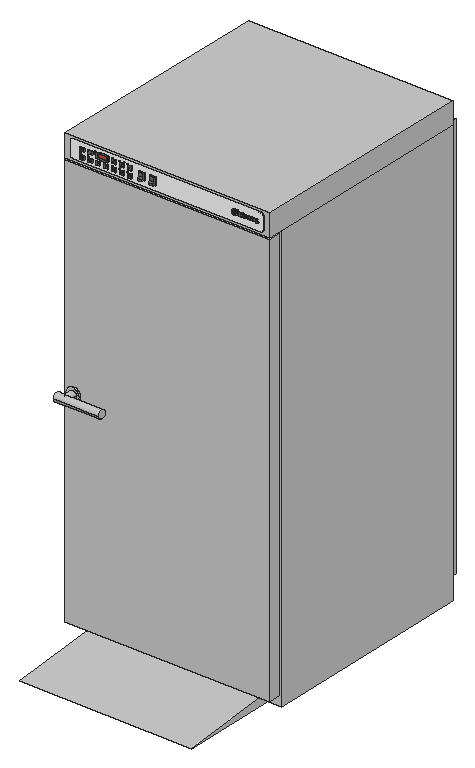
Revit family "QF_GIORIK_GM2011P_GR2011P", category Specialty Equipment, Revit 2014
Parameters (values of type "GM2011P")
  Weight in Pounds = 485.017
  Watts = 7200 W
  Waste Water Discharge Temperature = 0 °C
  Volts = 400 V
  URL Cutsheet = ""
  URL = "www.giorik.com"
  Plumbing Remarks [instance] = ""
  Plumbing Connection Type [instance] = ""
  Indirect Waste Size = 3/4"
  Indirect Waste Flow = 0.0 L/s
  Indirect Waste Connection Type [instance] = ""
  Indirect Waste Connection Height = 46 mm
  Status [instance] = ""
  Specification by User [instance] = ""
  Specification by Manufacturer = ""
  Serial Number = ""
  Seismic Rating = ""
  SMACNA No = ""
  Revision Code [instance] = ""
  Phase = 3
  Number of Poles [instance] = 3
  NAFEM Spec ID Number = ""
  Model = "GM2011P"
  Min Ckt Ampacity = 0 A
  Max Overcurrent Protection = 16 A
  Masterspec = ""
  Manufacturer = "GIORIK"
  Show Logo [instance] = yes
  Show Clearance [instance] = yes
  Item Number [instance] = ""
  Installed By [instance] = ""
  Identify Quantity as Lot [instance] = no
  HP = "0"
  Furnished By [instance] = ""
  Foodservice Equipment Identifier [instance] = yes
  FL Amps = 0 A
  Electrical Remarks [instance] = ""
  Electric Connection Type [instance] = ""
  Elec Conn RI Height [instance] = 0 mm
  Elec Conn Connection Height [instance] = 225 mm
  Description = "HOLDING CABINET 20 GN 1/1 - PROGRAMMABLE ELECTRONIC VERSION"
  Cycle = 50 Hz
  Conn Plug = ""
  Conn Conduit [instance] = no
  Cold Water Temperature Recommended = 0 °C
  Cold Water Size = 3/4"
  Cold Water RI Height [instance] = 0 mm
  Cold Water Minimum Pressure [instance] = 150.0 kPa
  Cold Water Maximum Pressure [instance] = 600.0 kPa
  Cold Water Flow [instance] = 0.0 L/s
  Cold Water Consumption [instance] = ""
  Cold Water Connection Height = 145 mm
  CSI MasterFormat = ""
  Assembly Code = "E1090320"
  Apparent Power = 7200 VA
Types (3, lengths in mm): name | Watts | Model | Max Overcurrent Protection | Description | Apparent Power
  (no name) | 7200 W | "GM2011P" | 16 A | "HOLDING CABINET 20 GN 1/1 - PROGRAMMABLE ELECTRONIC VERSION" | 7200 VA
  GR2011P | 16200 W | "GR2011P" | 20 A | "HOLDING CABINET-REGENERATOR 20 GN 1/1 - PROGRAMMABLE ELECTRONIC VERSION" | 16200 VA
  GM2011P | 7200 W | "GM2011P" | 16 A | "HOLDING CABINET 20 GN 1/1 - PROGRAMMABLE ELECTRONIC VERSION" | 7200 VA
Reference planes
  plane 1 "Back": y = 0
  plane 2: z = 0
  plane 3 "Left": x = 0
  plane 4 "Right": x = 930
  plane 5 "Front": y = -1120
  plane 6 "Top": z = 2040
  plane 7 "Front oven": y = -1050
Forms (mm)
  Extrusion 1, solid
    sketch origin (0, 0, 0) x (1, 0, 0) y (0, 0, 1)
      loop
        line (0, 0) -> (930, 0) -> (930, 1940) -> (0, 1940) -> (0, 0)
    from 75 to 1050
  Extrusion 2, solid
    sketch origin (0, -1120, 0) x (-1, 0, 0) y (0, 0, 1)
      loop
        line (-930, 1930) -> (-930, 50) -> (0, 50) -> (0, 1930) -> (-930, 1930)
    from 0 to 55
  Extrusion 3, solid, visible <- "Show Clearance", detail levels coarse
    sketch origin (430, -505, 0) x (1, 0, 0) y (0, 1, 0)
      loop
        line (-430, -615) -> (-430, 505) -> (500, 505) -> (500, -615) -> (600, -615) -> (600, 605) -> (-530, 605) -> (-530, -615) -> (-430, -615)
    from 0 to 2040
  Extrusion 4, solid, visible <- "Show Clearance", detail levels coarse
    sketch origin (0, -395, 60) x (0, 1, 0) y (-1, 0, 0)
      loop
        line (-725, -930) -> (-725, 0)
        arc (-725, 0) -> (-1355.977, -249.528) -> (-1619, -875) r 875.202
        line (-1619, -875) -> (-1619, -930) -> (-725, -930)
    from -10 to 1870
  Extrusion 5, solid
    sketch origin (0, -1120, 0) x (-1, 0, 0) y (0, 0, 1)
      loop
        arc (-25, 2015) -> (-29.393, 2025.607) -> (-40, 2030) r 15
        line (-40, 2030) -> (-890, 2030)
        arc (-890, 2030) -> (-900.607, 2025.607) -> (-905, 2015) r 15
        line (-905, 2015) -> (-905, 1965)
        arc (-905, 1965) -> (-900.607, 1954.393) -> (-890, 1950) r 15
        line (-890, 1950) -> (-40, 1950)
        arc (-40, 1950) -> (-29.393, 1954.393) -> (-25, 1965) r 15
        line (-25, 1965) -> (-25, 2015)
    from -0.5 to 2
  Extrusion 6, solid
    sketch origin (930, 163, -54) x (0, -1, 0) y (0, 0, 1)
      loop
        circle (220, 199) r 11
    from 50 to 30
  Extrusion 7, solid, visible <- "Show Logo", detail levels medium+fine
    sketch origin (576.604, -1120, 203.695) x (-1, 0, 0) y (0, 0, 1)
      loop
        line (-214.547, 1793.962) -> (-225.547, 1793.962) -> (-222.754, 1791.618) -> (-222.754, 1781.306) -> (-225.547, 1778.962) -> (-214.547, 1778.962) -> (-217.34, 1781.306) -> (-217.34, 1791.618) -> (-214.547, 1793.962)
      loop
        line (-269.547, 1793.962) -> (-280.547, 1793.962) -> (-277.754, 1791.618) -> (-277.754, 1781.306) -> (-280.547, 1778.962) -> (-269.547, 1778.962) -> (-272.34, 1781.306) -> (-272.34, 1791.618) -> (-269.547, 1793.962)
      loop
        line (-282.547, 1793.962) -> (-293.547, 1793.962) -> (-290.754, 1791.618) -> (-290.754, 1786.706) -> (-297.354, 1792.244) -> (-294.9, 1793.962) -> (-303.294, 1793.962) -> (-299.303, 1792.101) -> (-296.172, 1788.97) -> (-302.777, 1781.098) -> (-305.9, 1779.962) -> (-305.9, 1778.962) -> (-294.9, 1778.962) -> (-296.151, 1780.747) -> (-292.483, 1785.625) -> (-290.754, 1784.818) -> (-290.754, 1781.306) -> (-293.547, 1778.962) -> (-282.547, 1778.962) -> (-285.34, 1781.306) -> (-285.34, 1791.618) -> (-282.547, 1793.962)
      loop
        line (-210.387, 1798.5) -> (-210.387, 1788.865)
        arc (-210.387, 1788.865) -> (-205.719, 1793.282) -> (-199.875, 1795.956) r 19.648
        arc (-199.875, 1795.956) -> (-195.547, 1795.774) -> (-192.114, 1793.131) r 7.168
        arc (-192.114, 1793.131) -> (-190.034, 1786.5) -> (-192.114, 1779.868) r 11.613
        arc (-192.114, 1779.868) -> (-194.434, 1777.581) -> (-197.423, 1776.287) r 8.864
        arc (-197.423, 1776.287) -> (-200.954, 1776.508) -> (-203.801, 1778.608) r 6.26
        line (-203.801, 1778.608) -> (-203.801, 1786.174) -> (-211.26, 1786.174) -> (-211.26, 1778.213) -> (-213.406, 1776.068) -> (-208.753, 1777.314)
        arc (-208.753, 1777.314) -> (-206.873, 1777.533) -> (-205.12, 1776.821) r 3.816
        arc (-205.12, 1776.821) -> (-196.651, 1774.034) -> (-188.183, 1776.821) r 14.26
        arc (-188.183, 1776.821) -> (-183.396, 1786.305) -> (-188.183, 1795.788) r 11.787
        arc (-188.183, 1795.788) -> (-196.838, 1798.637) -> (-205.494, 1795.788) r 14.575
        line (-205.494, 1795.788) -> (-210.387, 1798.5)
      loop
        arc (-227.299, 1791.157) -> (-235.457, 1794.293) -> (-243.615, 1791.157) r 12.178
        arc (-243.615, 1791.157) -> (-245.675, 1786.524) -> (-243.615, 1781.891) r 6.24
        arc (-243.615, 1781.891) -> (-235.457, 1778.755) -> (-227.299, 1781.891) r 12.178
        arc (-227.299, 1781.891) -> (-225.239, 1786.524) -> (-227.299, 1791.157) r 6.24
      loop
        arc (-231.457, 1789.117) -> (-235.457, 1793.117) -> (-239.457, 1789.117) r 4
        line (-239.457, 1789.117) -> (-239.457, 1783.931)
        arc (-239.457, 1783.931) -> (-235.457, 1779.931) -> (-231.457, 1783.931) r 4
        line (-231.457, 1783.931) -> (-231.457, 1789.117)
      loop
        arc (-260.534, 1793.971) -> (-264.557, 1789.947) -> (-260.534, 1785.923) r 4.024
        line (-260.534, 1785.923) -> (-264.412, 1780.423) -> (-267.545, 1778.962) -> (-259.901, 1778.962) -> (-257.062, 1785.05) -> (-253.519, 1785.05) -> (-253.519, 1781.008) -> (-256.441, 1778.962) -> (-245.402, 1778.962) -> (-247.953, 1780.881) -> (-247.953, 1791.677) -> (-245.669, 1793.971) -> (-260.534, 1793.971)
      loop
        line (-253.519, 1792.926) -> (-257.194, 1792.926)
        arc (-257.194, 1792.926) -> (-260.379, 1789.741) -> (-257.194, 1786.556) r 3.185
        line (-257.194, 1786.556) -> (-253.519, 1786.556) -> (-253.519, 1792.926)
    from 0.5 to -1.5
  Extrusion 8, solid, visible <- "Show Logo", detail levels medium+fine
    sketch origin (574.604, -1120, 203.695) x (-1, 0, 0) y (0, 0, 1)
      loop
        line (-193.301, 1786.174) -> (-205.301, 1786.174) -> (-199.301, 1781.174) -> (-193.301, 1786.174)
    from 0.5 to -1.5
  Extrusion 9, solid
    sketch origin (0, 0, 0) x (1, 0, 0) y (0, 0, 1)
      loop
        line (50, 60) -> (880, 60) -> (880, 1915) -> (50, 1915) -> (50, 60)
    from 0 to 75
  Extrusion 10, solid
    sketch origin (0, 0, 0) x (1, 0, 0) y (0, 0, 1)
      loop
        line (0, 2040) -> (0, 1940) -> (930, 1940) -> (930, 2040) -> (0, 2040)
    from 75 to 1120
  Extrusion 11, solid
    sketch origin (-118.5, -961, -448) x (0, 1, 0) y (0, 0, 1)
      loop
        line (894.124, 687.794) -> (886.25, 674.156) -> (886.25, 671.844) -> (894.124, 658.206) -> (896.126, 657.05) -> (911.874, 657.05) -> (913.876, 658.206) -> (921.75, 671.844) -> (921.75, 674.156) -> (913.876, 687.794) -> (911.874, 688.95) -> (896.126, 688.95) -> (894.124, 687.794)
    from 144.771 to 152.771
  Extrusion 12, solid
    sketch origin (-118.5, -961, -448) x (0, 1, 0) y (0, 0, 1)
      loop
        line (894.124, 687.794) -> (886.25, 674.156) -> (886.25, 671.844) -> (894.124, 658.206) -> (896.126, 657.05) -> (911.874, 657.05) -> (913.876, 658.206) -> (921.75, 671.844) -> (921.75, 674.156) -> (913.876, 687.794) -> (911.874, 688.95) -> (896.126, 688.95) -> (894.124, 687.794)
    from 160.771 to 152.771
  Extrusion 13, solid
    sketch origin (-118.5, -961, -448) x (0, 1, 0) y (0, 0, 1)
      loop
        line (894.124, 687.794) -> (886.25, 674.156) -> (886.25, 671.844) -> (894.124, 658.206) -> (896.126, 657.05) -> (911.874, 657.05) -> (913.876, 658.206) -> (921.75, 671.844) -> (921.75, 674.156) -> (913.876, 687.794) -> (911.874, 688.95) -> (896.126, 688.95) -> (894.124, 687.794)
    from 168.5 to 160.771
  Sweep 14, solid
    path origin (0, 0, 0) x (0, 1, 0) y (0, 0, 1)
      loop
        line (-79.938, 1984.218) -> (-60.185, 1987.347)
    profile origin (0, -70.062, 1985.782) x (0, -0.156434, 0.987688) y (1, 0, 0)
      loop
        circle (0, 160) r 25
  Extrusion 15, solid
    sketch origin (0, -1120, 0) x (-1, 0, 0) y (0, 0, 1)
      loop
        line (-71, 1995.5) -> (-71, 2009.5)
        arc (-71, 2009.5) -> (-71.586, 2010.914) -> (-73, 2011.5) r 2
        line (-73, 2011.5) -> (-87, 2011.5)
        arc (-87, 2011.5) -> (-88.414, 2010.914) -> (-89, 2009.5) r 2
        line (-89, 2009.5) -> (-89, 1995.5)
        arc (-89, 1995.5) -> (-88.414, 1994.086) -> (-87, 1993.5) r 2
        line (-87, 1993.5) -> (-73, 1993.5)
        arc (-73, 1993.5) -> (-71.586, 1994.086) -> (-71, 1995.5) r 2
      loop
        arc (-71, 1977) -> (-71.586, 1978.414) -> (-73, 1979) r 2
        line (-73, 1979) -> (-87, 1979)
        arc (-87, 1979) -> (-88.414, 1978.414) -> (-89, 1977) r 2
        line (-89, 1977) -> (-89, 1963)
        arc (-89, 1963) -> (-88.414, 1961.586) -> (-87, 1961) r 2
        line (-87, 1961) -> (-73, 1961)
        arc (-73, 1961) -> (-71.586, 1961.586) -> (-71, 1963) r 2
        line (-71, 1963) -> (-71, 1977)
      loop
        line (-85.824, 2001.942) -> (-85.824, 1998.598) -> (-77.871, 1998.598) -> (-77.871, 1997.344) -> (-75.064, 1999.098) -> (-77.871, 2000.852) -> (-77.871, 1999.598) -> (-84.824, 1999.598) -> (-84.824, 2001.942) -> (-85.824, 2001.942)
      loop
        arc (-86.5, 1978) -> (-87.561, 1977.561) -> (-88, 1976.5) r 1.5
        line (-88, 1976.5) -> (-88, 1963.5)
        arc (-88, 1963.5) -> (-87.561, 1962.439) -> (-86.5, 1962) r 1.5
        line (-86.5, 1962) -> (-73.5, 1962)
        arc (-73.5, 1962) -> (-72.439, 1962.439) -> (-72, 1963.5) r 1.5
        line (-72, 1963.5) -> (-72, 1976.5)
        arc (-72, 1976.5) -> (-72.439, 1977.561) -> (-73.5, 1978) r 1.5
        line (-73.5, 1978) -> (-86.5, 1978)
      loop
        line (-79.5, 1976) -> (-80.5, 1976) -> (-80.5, 1970) -> (-79.5, 1970) -> (-79.5, 1976)
      loop
        arc (-78.987, 1975.406) -> (-80, 1964.5) -> (-81.013, 1975.406) r 5.5
        line (-81.013, 1975.406) -> (-81.013, 1974.385)
        arc (-81.013, 1974.385) -> (-80, 1965.5) -> (-78.987, 1974.385) r 4.5
        line (-78.987, 1974.385) -> (-78.987, 1975.406)
      loop
        line (-75.022, 2007) -> (-84.978, 2007) -> (-84.978, 2004.886) -> (-75.022, 2004.886) -> (-75.022, 2007)
      loop
        line (-107, 1995.5) -> (-107, 2009.5)
        arc (-107, 2009.5) -> (-107.586, 2010.914) -> (-109, 2011.5) r 2
        line (-109, 2011.5) -> (-123, 2011.5)
        arc (-123, 2011.5) -> (-124.414, 2010.914) -> (-125, 2009.5) r 2
        line (-125, 2009.5) -> (-125, 1995.5)
        arc (-125, 1995.5) -> (-124.414, 1994.086) -> (-123, 1993.5) r 2
        line (-123, 1993.5) -> (-109, 1993.5)
        arc (-109, 1993.5) -> (-107.586, 1994.086) -> (-107, 1995.5) r 2
      loop
        circle (-111.46, 2007) r 1.5
      loop
        circle (-120.54, 1998) r 1.5
      loop
        arc (-107, 1977) -> (-107.586, 1978.414) -> (-109, 1979) r 2
        line (-109, 1979) -> (-123, 1979)
        arc (-123, 1979) -> (-124.414, 1978.414) -> (-125, 1977) r 2
        line (-125, 1977) -> (-125, 1963)
        arc (-125, 1963) -> (-124.414, 1961.586) -> (-123, 1961) r 2
        line (-123, 1961) -> (-109, 1961)
        arc (-109, 1961) -> (-107.586, 1961.586) -> (-107, 1963) r 2
        line (-107, 1963) -> (-107, 1977)
      loop
        arc (-110.035, 1972.254) -> (-112.14, 1973.328) -> (-114.387, 1972.599) r 3.087
        arc (-114.387, 1972.599) -> (-116.352, 1974.804) -> (-119.278, 1975.2) r 4.257
        line (-119.278, 1975.2) -> (-121.9, 1969.311)
        arc (-121.9, 1969.311) -> (-118.973, 1968.915) -> (-117.009, 1966.711) r 4.257
        arc (-117.009, 1966.711) -> (-114.761, 1967.439) -> (-112.657, 1966.365) r 3.087
        line (-112.657, 1966.365) -> (-110.035, 1972.254)
      loop
        arc (-111.244, 1971.998) -> (-112.518, 1972.333) -> (-113.738, 1971.838) r 2.087
        line (-113.738, 1971.838) -> (-115.318, 1972.234)
        arc (-115.318, 1972.234) -> (-116.614, 1973.801) -> (-118.587, 1974.293) r 3.257
        line (-118.587, 1974.293) -> (-120.332, 1970.374)
        arc (-120.332, 1970.374) -> (-118.235, 1969.644) -> (-116.626, 1968.114) r 5.257
        arc (-116.626, 1968.114) -> (-114.817, 1968.444) -> (-113.047, 1967.949) r 4.087
        line (-113.047, 1967.949) -> (-111.244, 1971.998)
      loop
        arc (-143, 1977) -> (-143.586, 1978.414) -> (-145, 1979) r 2
        line (-145, 1979) -> (-159, 1979)
        arc (-159, 1979) -> (-160.414, 1978.414) -> (-161, 1977) r 2
        line (-161, 1977) -> (-161, 1963)
        arc (-161, 1963) -> (-160.414, 1961.586) -> (-159, 1961) r 2
        line (-159, 1961) -> (-145, 1961)
        arc (-145, 1961) -> (-143.586, 1961.586) -> (-143, 1963) r 2
        line (-143, 1963) -> (-143, 1977)
      loop
        arc (-179, 1977) -> (-179.586, 1978.414) -> (-181, 1979) r 2
        line (-181, 1979) -> (-195, 1979)
        arc (-195, 1979) -> (-196.414, 1978.414) -> (-197, 1977) r 2
        line (-197, 1977) -> (-197, 1963)
        arc (-197, 1963) -> (-196.414, 1961.586) -> (-195, 1961) r 2
        line (-195, 1961) -> (-181, 1961)
        arc (-181, 1961) -> (-179.586, 1961.586) -> (-179, 1963) r 2
        line (-179, 1963) -> (-179, 1977)
      loop
        line (-149.5, 1969.25) -> (-149.5, 1970.75) -> (-154.5, 1970.75) -> (-154.5, 1969.25) -> (-149.5, 1969.25)
      loop
        line (-185, 1969.25) -> (-185, 1970.75) -> (-187.25, 1970.75) -> (-187.25, 1972.992) -> (-188.75, 1972.992) -> (-188.75, 1970.75) -> (-191, 1970.75) -> (-191, 1969.25) -> (-188.75, 1969.25) -> (-188.75, 1967) -> (-187.25, 1967) -> (-187.25, 1969.25) -> (-185, 1969.25)
      loop
        arc (-215, 1977) -> (-215.586, 1978.414) -> (-217, 1979) r 2
        line (-217, 1979) -> (-231, 1979)
        arc (-231, 1979) -> (-232.414, 1978.414) -> (-233, 1977) r 2
        line (-233, 1977) -> (-233, 1963)
        arc (-233, 1963) -> (-232.414, 1961.586) -> (-231, 1961) r 2
        line (-231, 1961) -> (-217, 1961)
        arc (-217, 1961) -> (-215.586, 1961.586) -> (-215, 1963) r 2
        line (-215, 1963) -> (-215, 1977)
      loop
        arc (-215, 2009.5) -> (-215.586, 2010.914) -> (-217, 2011.5) r 2
        line (-217, 2011.5) -> (-231, 2011.5)
        arc (-231, 2011.5) -> (-232.414, 2010.914) -> (-233, 2009.5) r 2
        line (-233, 2009.5) -> (-233, 1995.5)
        arc (-233, 1995.5) -> (-232.414, 1994.086) -> (-231, 1993.5) r 2
        line (-231, 1993.5) -> (-217, 1993.5)
        arc (-217, 1993.5) -> (-215.586, 1994.086) -> (-215, 1995.5) r 2
        line (-215, 1995.5) -> (-215, 2009.5)
      loop
        circle (-224, 1970) r 6
      loop
        line (-221.142, 1971.959) -> (-223.931, 1970.283) -> (-227.005, 1972.956) -> (-227.557, 1972.321) -> (-224.689, 1969.828) -> (-225.876, 1969.114) -> (-225.443, 1968.393) -> (-224.021, 1969.247) -> (-223.106, 1968.451) -> (-222.554, 1969.086) -> (-223.263, 1969.703) -> (-220.708, 1971.238) -> (-221.142, 1971.959)
      loop
        line (-224, 2008.571) -> (-227.538, 2001.867)
        arc (-227.538, 2001.867) -> (-224, 1996) -> (-220.462, 2001.867) r 4
        line (-220.462, 2001.867) -> (-224, 2008.571)
      loop
        circle (-224, 1970) r 5.3
      loop
        arc (-251, 1977) -> (-251.586, 1978.414) -> (-253, 1979) r 2
        line (-253, 1979) -> (-267, 1979)
        arc (-267, 1979) -> (-268.414, 1978.414) -> (-269, 1977) r 2
        line (-269, 1977) -> (-269, 1963)
        arc (-269, 1963) -> (-268.414, 1961.586) -> (-267, 1961) r 2
        line (-267, 1961) -> (-253, 1961)
        arc (-253, 1961) -> (-251.586, 1961.586) -> (-251, 1963) r 2
        line (-251, 1963) -> (-251, 1977)
      loop
        arc (-251, 2009.5) -> (-251.586, 2010.914) -> (-253, 2011.5) r 2
        line (-253, 2011.5) -> (-267, 2011.5)
        arc (-267, 2011.5) -> (-268.414, 2010.914) -> (-269, 2009.5) r 2
        line (-269, 2009.5) -> (-269, 1995.5)
        arc (-269, 1995.5) -> (-268.414, 1994.086) -> (-267, 1993.5) r 2
        line (-267, 1993.5) -> (-253, 1993.5)
        arc (-253, 1993.5) -> (-251.586, 1994.086) -> (-251, 1995.5) r 2
        line (-251, 1995.5) -> (-251, 2009.5)
      loop
        arc (-287, 1977) -> (-287.586, 1978.414) -> (-289, 1979) r 2
        line (-289, 1979) -> (-303, 1979)
        arc (-303, 1979) -> (-304.414, 1978.414) -> (-305, 1977) r 2
        line (-305, 1977) -> (-305, 1963)
        arc (-305, 1963) -> (-304.414, 1961.586) -> (-303, 1961) r 2
        line (-303, 1961) -> (-289, 1961)
        arc (-289, 1961) -> (-287.586, 1961.586) -> (-287, 1963) r 2
        line (-287, 1963) -> (-287, 1977)
      loop
        arc (-287, 2009.5) -> (-287.586, 2010.914) -> (-289, 2011.5) r 2
        line (-289, 2011.5) -> (-303, 2011.5)
        arc (-303, 2011.5) -> (-304.414, 2010.914) -> (-305, 2009.5) r 2
        line (-305, 2009.5) -> (-305, 1995.5)
        arc (-305, 1995.5) -> (-304.414, 1994.086) -> (-303, 1993.5) r 2
        line (-303, 1993.5) -> (-289, 1993.5)
        arc (-289, 1993.5) -> (-287.586, 1994.086) -> (-287, 1995.5) r 2
        line (-287, 1995.5) -> (-287, 2009.5)
      loop
        arc (-261.2, 2000.693) -> (-260, 1996) -> (-258.8, 2000.693) r 2.5
        line (-258.8, 2000.693) -> (-258.8, 2006.5)
        arc (-258.8, 2006.5) -> (-260, 2007.7) -> (-261.2, 2006.5) r 1.2
        line (-261.2, 2006.5) -> (-261.2, 2000.693)
      loop
        line (-290.732, 1970.416) -> (-301.526, 1970.416) -> (-301.526, 1969.324) -> (-290.732, 1969.324) -> (-290.732, 1970.416)
      loop
        line (-291.659, 1974.456) -> (-300.665, 1974.456) -> (-300.665, 1971.807) -> (-291.659, 1971.807) -> (-291.659, 1974.456)
      loop
        line (-291.659, 1965.544) -> (-291.659, 1968.193) -> (-300.665, 1968.193) -> (-300.665, 1965.544) -> (-291.659, 1965.544)
      loop
        line (-289.807, 1999.232) -> (-293.938, 2003.364)
        arc (-293.938, 2003.364) -> (-295.275, 2006.228) -> (-298.297, 2007.153) r 3.889
        line (-298.297, 2007.153) -> (-300.752, 2007.153)
        arc (-300.752, 2007.153) -> (-302.253, 2005.652) -> (-300.752, 2004.151) r 1.501
        line (-300.752, 2004.151) -> (-299.094, 2004.151)
        arc (-299.094, 2004.151) -> (-297.433, 2002.545) -> (-295.157, 2002.145) r 3.942
        line (-295.157, 2002.145) -> (-291.025, 1998.014)
        arc (-291.025, 1998.014) -> (-289.807, 1998.014) -> (-289.807, 1999.232) r 0.862
      loop
        line (-258.293, 1974.504) -> (-264.651, 1974.504) -> (-264.207, 1972.845) -> (-261.896, 1972.845) -> (-260.614, 1966.251) -> (-259.114, 1966.251) -> (-254.614, 1966.251) -> (-257.653, 1972.118) -> (-259.579, 1968.644) -> (-260.396, 1972.845) -> (-257.848, 1972.845) -> (-258.293, 1974.504)
      loop
        line (-255.765, 1966.951) -> (-257.674, 1970.637) -> (-259.427, 1967.862) -> (-259.25, 1966.951) -> (-255.765, 1966.951)
      loop
        arc (-141, 2012.202) -> (-141.629, 2014.039) -> (-143.251, 2015.107) r 3
        arc (-143.251, 2015.107) -> (-170, 2018.5) -> (-196.749, 2015.107) r 107.125
        arc (-196.749, 2015.107) -> (-198.371, 2014.039) -> (-199, 2012.202) r 3
        line (-199, 2012.202) -> (-199, 1992.798)
        arc (-199, 1992.798) -> (-198.371, 1990.961) -> (-196.749, 1989.893) r 3
        arc (-196.749, 1989.893) -> (-170, 1986.5) -> (-143.251, 1989.893) r 107.125
        arc (-143.251, 1989.893) -> (-141.629, 1990.961) -> (-141, 1992.798) r 3
        line (-141, 1992.798) -> (-141, 2012.202)
      loop
        line (-150, 1995.5) -> (-150, 2009.5) -> (-190, 2009.5) -> (-190, 1995.5) -> (-150, 1995.5)
    from 0.5 to -1.5
  Extrusion 16, solid
    sketch origin (490, -1120, 0) x (1, 0, 0) y (0, 0, -1)
      loop
        line (-125, -1972.5) -> (-150, -1972.5) -> (-150, -2007.5) -> (-125, -2007.5) -> (-125, -1972.5)
    from 0 to -3
  Extrusion 17, solid
    sketch origin (490, -374, 0) x (0, 1, 0) y (0, 0, -1)
      loop
        line (-749, -2004.5) -> (-749, -1975.5) -> (-756.622, -1975.5)
        arc (-756.622, -1975.5) -> (-758.309, -1976.425) -> (-758.435, -1978.345) r 2
        line (-758.435, -1978.345) -> (-753, -1990) -> (-753, -2004.5) -> (-749, -2004.5)
    from 128 to 147
  Extrusion 18, solid
    sketch origin (-2, -1120, 0) x (-1, 0, 0) y (0, 0, 1)
      loop
        circle (-72.5, 1982) r 2
      loop
        circle (-108.5, 1982) r 2
      loop
        circle (-216.5, 1982) r 2
      loop
        circle (-252.5, 1982) r 2
      loop
        circle (-288.5, 1982) r 2
      loop
        circle (-216.5, 2014.5) r 2
      loop
        circle (-252.5, 2014.5) r 2
      loop
        circle (-288.5, 2014.5) r 2
      loop
        circle (-139.5, 2014.5) r 2
      loop
        circle (-139.5, 2004.5) r 2
      loop
        line (-152, 2009.5) -> (-192, 2009.5) -> (-192, 1995.5) -> (-152, 1995.5) -> (-152, 2009.5)
      loop
        circle (-271.5, 2014.5) r 2
    from 0.5 to -1.5
  Extrusion 19, solid, not visible
    sketch origin (490, -1120, 0) x (1, 0, 0) y (0, 0, -1)
      loop
        line (-125, -1972.5) -> (-150, -1972.5) -> (-150, -2007.5) -> (-125, -2007.5) -> (-125, -1972.5)
    from 0 to -3
  Extrusion 20, solid, not visible
    sketch origin (490, -374, 0) x (0, 1, 0) y (0, 0, -1)
      loop
        line (-749, -2004.5) -> (-749, -1975.5) -> (-756.622, -1975.5)
        arc (-756.622, -1975.5) -> (-758.309, -1976.425) -> (-758.435, -1978.345) r 2
        line (-758.435, -1978.345) -> (-753, -1990) -> (-753, -2004.5) -> (-749, -2004.5)
    from 128 to 147
  Extrusion 21, solid
    sketch origin (0, -1120, 0) x (-1, 0, 0) y (0, 0, 1)
      loop
        circle (-40, 990) r 30
    from 0 to -5
  Extrusion 22, solid
    sketch origin (0, 0, 0) x (0, 1, 0) y (0, 0, 1)
      loop
        circle (-1172.5, 990) r 17.5
    from 210 to 5
  Extrusion 23, solid
    sketch origin (0, -1120, 0) x (-1, 0, 0) y (0, 0, 1)
      loop
        circle (-40, 990) r 16
    from -5 to -52.5
  Extrusion 24, solid
    sketch origin (0, 0, 0) x (0, 1, 0) y (0, 0, 1)
      loop
        line (-1050, 0) -> (-1050, 42.078) -> (-1487, 0) -> (-1050, 0)
    from 90 to 870
  Extrusion 25, solid
    sketch origin (540, -1120, 0) x (1, 0, 0) y (0, 0, -1)
      loop
        line (-125, -1972.5) -> (-150, -1972.5) -> (-150, -2007.5) -> (-125, -2007.5) -> (-125, -1972.5)
    from 0 to -3
  Extrusion 26, solid
    sketch origin (540, -374, 0) x (0, 1, 0) y (0, 0, -1)
      loop
        line (-749, -2004.5) -> (-749, -1975.5) -> (-756.622, -1975.5)
        arc (-756.622, -1975.5) -> (-758.309, -1976.425) -> (-758.435, -1978.345) r 2
        line (-758.435, -1978.345) -> (-753, -1990) -> (-753, -2004.5) -> (-749, -2004.5)
    from 128 to 147
  Extrusion 27, solid, not visible
    sketch origin (540, -1120, 0) x (1, 0, 0) y (0, 0, -1)
      loop
        line (-125, -1972.5) -> (-150, -1972.5) -> (-150, -2007.5) -> (-125, -2007.5) -> (-125, -1972.5)
    from 0 to -3
  Extrusion 28, solid, not visible
    sketch origin (540, -374, 0) x (0, 1, 0) y (0, 0, -1)
      loop
        line (-749, -2004.5) -> (-749, -1975.5) -> (-756.622, -1975.5)
        arc (-756.622, -1975.5) -> (-758.309, -1976.425) -> (-758.435, -1978.345) r 2
        line (-758.435, -1978.345) -> (-753, -1990) -> (-753, -2004.5) -> (-749, -2004.5)
    from 128 to 147
Lines and regions (mm)
  symbolic lines, style "QF_Clearances", visible <- "Show Clearance", detail levels coarse
    curve 1: line (-100, -1120, 1115) -> (-100, 100, 1115)
    curve 2: line (-100, 100, 1115) -> (1030, 100, 1115)
    curve 3: line (1030, 100, 1115) -> (1030, -1120, 1115)
  symbolic lines, style "200-EquipBorder-2D"
    curve 4: line (0, -75, 0) -> (930, -75, 0)
    curve 5: line (930, -75, 0) -> (930, -1120, 0)
    curve 6: line (0, -75, 0) -> (0, -1120, 0)
    curve 7: line (0, -1120, 0) -> (930, -1120, 0)
    curve 10: line (50, -74.75, 60) -> (50, 0, 60)
    curve 11: line (50, 0, 60) -> (880, 0, 60)
    curve 12: line (880, 0, 60) -> (880, -75, 60)
    curve 13: line (26.271, -39.25, 60) -> (26.271, -74.75, 60)
    curve 14: line (26.271, -74.75, 60) -> (50, -74.75, 60)
    curve 15: line (26.271, -39.25, 60) -> (50, -39.25, 60)
    curve 16: line (900, -46, 60) -> (880, -46, 60)
    curve 17: line (900, -46, 60) -> (900, -68, 60)
    curve 18: line (900, -68, 60) -> (880, -68, 60)
    curve 19: line (185, -60.185, 60) -> (185, -75, 60)
    curve 20: line (135, -60.185, 60) -> (135, -75, 60)
    curve 21: spline (160, -56.274, 60) -> (157.243, -56.298, 60) -> (154.52, -56.369, 60) -> (151.864, -56.487, 60) -> (149.307, -56.65, 60) -> (146.881, -56.856, 60) -> (144.614, -57.102, 60) -> (142.535, -57.386, 60) -> (140.669, -57.705, 60) -> (139.039, -58.053, 60) -> (137.665, -58.428, 60) -> (136.562, -58.824, 60) -> (135.746, -59.236, 60)
    curve 22: spline (160, -64.096, 60) -> (164.159, -64.041, 60) -> (168.203, -63.879, 60) -> (172.018, -63.614, 60) -> (175.497, -63.253, 60) -> (178.545, -62.807, 60) -> (181.076, -62.288, 60) -> (183.019, -61.71, 60) -> (184.321, -61.09, 60) -> (184.945, -60.444, 60) -> (184.873, -59.791, 60) -> (184.108, -59.15, 60) -> (182.671, -58.536, 60)
    curve 23: spline (135.746, -59.236, 60) -> (135.109, -59.819, 60) -> (135.042, -60.41, 60) -> (135.544, -60.996, 60) -> (136.605, -61.564, 60) -> (138.201, -62.099, 60) -> (140.295, -62.592, 60) -> (142.84, -63.029, 60) -> (145.776, -63.401, 60) -> (149.037, -63.699, 60) -> (152.549, -63.918, 60) -> (156.232, -64.051, 60) -> (160, -64.096, 60)
    curve 24: spline (182.671, -58.536, 60) -> (181.574, -58.209, 60) -> (180.284, -57.899, 60) -> (178.812, -57.609, 60) -> (177.172, -57.342, 60) -> (175.378, -57.101, 60) -> (173.446, -56.888, 60) -> (171.394, -56.704, 60) -> (169.24, -56.551, 60) -> (167.004, -56.43, 60) -> (164.704, -56.344, 60) -> (162.363, -56.291, 60) -> (160, -56.274, 60)
    curve 25: line (90, -1487, 60) -> (870, -1487, 60)
    curve 26: line (870, -1487, 60) -> (870, -1120, 60)
    curve 27: line (90, -1487, 60) -> (90, -1190, 60)
    curve 29: line (210, -1190, 60) -> (5, -1190, 60)
    curve 30: line (5, -1190, 60) -> (5, -1155, 60)
    curve 31: line (5, -1155, 60) -> (210, -1155, 60)
    curve 32: line (210, -1155, 60) -> (210, -1190, 60)
    curve 33: line (24, -1125, 60) -> (24, -1155, 60)
    curve 34: line (56, -1125, 60) -> (56, -1155, 60)
    curve 35: line (10, -1125, 60) -> (70, -1125, 60)
    curve 36: line (70, -1125, 60) -> (70, -1120, 60)
    curve 37: line (10, -1125, 60) -> (10, -1120, 60)
    curve 38: line (90, -1155, 60) -> (90, -1120, 60)
    curve 39: line (340, -1123, 60) -> (340, -1120, 60)
    curve 40: line (340, -1123, 60) -> (365, -1123, 60)
    curve 41: line (365, -1123, 60) -> (365, -1120, 60)
    curve 42: line (343, -1132.622, 60) -> (343, -1123, 60)
    curve 43: line (362, -1132.622, 60) -> (362, -1123, 60)
    curve 44: line (343, -1132.622, 60) -> (362, -1132.622, 60)
    curve 45: line (390, -1123, 60) -> (390, -1120, 60)
    curve 46: line (390, -1123, 60) -> (415, -1123, 60)
    curve 47: line (415, -1123, 60) -> (415, -1120, 60)
    curve 48: line (393, -1132.622, 60) -> (393, -1123, 60)
    curve 49: line (412, -1132.622, 60) -> (412, -1123, 60)
    curve 50: line (393, -1132.622, 60) -> (412, -1132.622, 60)
  symbolic lines, style "QF_Door-Drawer Clearances", visible <- "Show Clearance", detail levels coarse
    curve 8: line (930, -1120, 0) -> (930, -2014, 0)
    curve 9: line (930, -2014, 0) -> (875, -2014, 0)
    curve 28: arc (0, -1120, 60) -> (249.528, -1750.977, 60) -> (875, -2014, 60) r 875.202
Dimensions and locks
  plane 3 "Left" to plane 4 "Right" = 930 mm
  plane 5 "Front" to plane 1 "Back" = 1120 mm
  locked: plane 7 "Front oven" to plane 5 "Front" at 70
  plane 6 "Top" to plane 2 = 2040 mm
  aligned and locked: level to plane 2
  aligned and locked: plane 6 "Top" to Extrusion 3
  aligned and locked: Extrusion 1 to plane 7 "Front oven"
  aligned and locked: Extrusion 10 to plane 5 "Front"
  aligned and locked: Extrusion 3 sketch curve to plane 5 "Front"  (x2)
Connectors
  electrical at (26.271, -57, 225), driven by "Number of Poles", driven by "Volts", driven by "Apparent Power"
    settings: on Extrusion 11, index 5, voltage 400 V, apparent load 0 VA, apparent load phase1 7200 VA, apparent load phase2 0 VA, apparent load phase3 0 VA, power factor 1, load classification "Other", number of poles 3, system type 31, power factor state 1, is connector primary yes, connector utility no, sub classification motor no, connector description "Electrical connection"
  piping at (900, -57, 145), diameter 19.05, driven by "Cold Water Size"
    settings: on Extrusion 6, index 6, connector inside diameter 24", connector length 0 mm, flow factor 0, pipe flow 0.0 L/s, pressure drop 0.0 kPa, fitting loss kfactor 0, connector angle 0.00°, fixture units 0, engagement length 0 mm, angle of deflection 0.00°, flow configuration 1, flow direction 1, fitting loss method 0, system type 20, joint type 0, gender type 0, connector reference index -1, connector utility 0, adjustable connector no, is connector primary yes, connector description "Cold water inlet"
